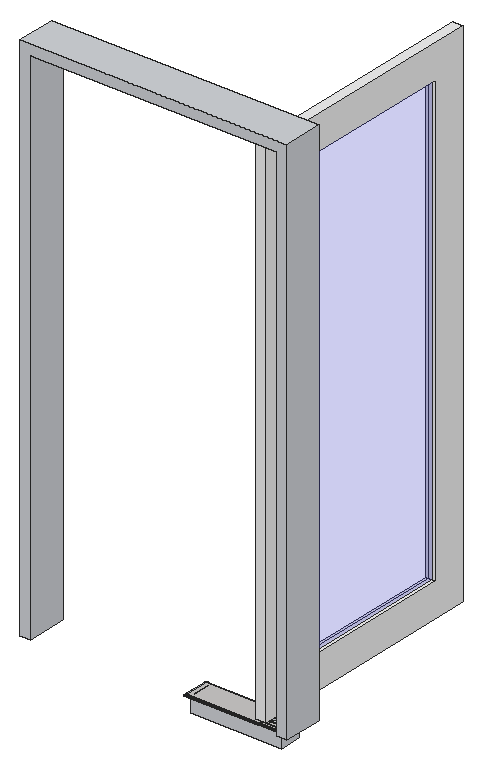
Revit family "Door closer BTS80_ Double Access_Single Door", category Türen, Revit 2016
Family settings
  Basisbauteil = Wand
  OmniClass-Nummer = 23.30.10.00
  OmniClass-Titel = Doors
  Immer vertikal = Ja
  Beim Laden mit Abzugskörper schneiden = Nein
  Gemeinsam genutzt = Nein
  Raumberechnungspunkt = Nein
Parameters
  panel Height [instance] = Height - (Door Frame Width + Floor Space)  # 1935 mm
  Width (mm) = 0
  Width [instance] = 1000 mm
  Weight Net (Kg) = 0
  Wall Closure = (empty or 0)
  URL = ""
  UNSPC code = "26"
  UNSPC category = ""
  UNSPC Name = "Elkraftsutrustning och tillbehör"
  Product group = "Door Hardware"
  Product family = "Door Control"
  Product data url = "http://www.dorma.de/prod/tuertechnik..."
  Product SKU = ""
  Panel material = Aluminum
  Panel Width [instance] = Width - (2 * Door Frame Width)  # 920 mm
  Panel Thick [instance] = 37 mm
  Panel Swing options [instance] = Panel_DS_Open_Pos : Panel_DS_Open_Pos
  Panel Frame Width [instance] = 125 mm
  Material secondary = "Metal"
  Material main = "Stainless steel"
  Manufacturer country = "Germany"
  Hersteller = "DORMA"
  Installation instructions = "http://www.dorma.de/prod/tuertechnik..."
  IFC Classification = "Door"
  Hinge offset [instance] = 65 mm
  Height (mm) = 0
  Height [instance] = 2000 mm
  HO [instance] = Hinge offset + Door Frame Width  # 105 mm
  Glass material = Glass
  Glass Thick [instance] = 12 mm
  Floor Space [instance] = 25 mm
  EAN code = ""
  Door Frame Width [instance] = 40 mm
  Design country = "Germany"
  Depth (mm) = 0
  Date of publishing = ""
Reference planes
  plane 1: y = 0
  plane 2 "Center (Left/Right)": x = 0
  plane 3 "Left": x = -500
  plane 4 "Right": x = 500
  plane 5: z = 2000
  plane 6 "Exterior": y = 75
  plane 7 "Interior": y = -75
  plane 8: x = 395
  plane 9: z = 25
Forms (mm)
  Sweep 1, solid
    path origin (0, -75, 0) x (1, 0, 0) y (0, 0, 1)
      loop
        line (-500, 0) -> (-500, 2000) -> (500, 2000) -> (500, 0)
    profile origin (-500, -75, 1000) x (-1, 0, 0) y (0, -1, 0)
      loop
        line (0, 0) -> (-40, 0) -> (-40, -150) -> (0, -150) -> (0, 0)
Lines and regions (mm)
  Opening 1
    outline origin (-3050, -75, 0) x (1, 0, 0) y (0, 0, 1)
      loop
        line (2550, 0) -> (3550, 0) -> (3550, 2000) -> (2550, 2000) -> (2550, 0)
  symbolic lines
    curve 1: line (500, -75, 1000) -> (-500, -75, 2000)
    curve 2: line (500, -75, 1000) -> (-500, -75, 0)
Text (mm)
  text "Exterior" at (-2295.016, 1099.543, 0), in view "Ref. Level"
  text "Exterior" at (0, 1615.38, 3698.081), in view "Left"
  text "Exterior" at (0, 1036.032, 3874.932), in view "Right"
Dimensions and locks
  equal spacing: plane 3 "Left", plane 2 "Center (Left/Right)", plane 4 "Right"
  "Width": plane 3 "Left" to plane 4 "Right"
  "Height": plane 5 to host wall
  equal spacing: host wall, curve 2, plane 5
  host wall to plane 5 = 2000 mm
  locked: plane 6 "Exterior" to host wall at 0
  locked: plane 7 "Interior" to host wall
  "Door Frame Width": profile plane to Sweep 1 sketch curve
  "HO": plane 8 to plane 4 "Right"
  "Floor Space": plane 9 to level
  aligned and locked: plane 3 "Left" to Opening 1 sketch curve
  aligned and locked: plane 5 to Opening 1 sketch curve  (x2)
  aligned and locked: Opening 1 sketch curve to plane 4 "Right"
  aligned and locked: Opening 1 sketch curve to level
  aligned and locked: plane 5 to curve 1
  aligned and locked: plane 3 "Left" to curve 2
  aligned and locked: plane 1 to host wall
  aligned and locked: plane 3 "Left" to curve 1
  aligned and locked: Sweep 1 sketch curve to host wall  (x4)
  aligned and locked: profile plane to Sweep 1 sketch curve
  aligned and locked: host wall to Sweep 1 sketch curve
  aligned and locked: plane 8 to nested 1
  aligned and locked: host wall to nested 1
  aligned and locked: nested 1 to plane 9
  aligned and locked: nested 2 to plane 8
  aligned and locked: nested 2 to plane 1
Automatic sketch dimensions
  plane 4 "Right" to curve 2 = 0 mm
  curve 2 to level = 0 mm
  Sweep 1 sketch curve to level = 0 mm  (x2)
Nested families
  nested 1: "Panel_DS_Open_Pos" at (395, 0, 25), type <- "Panel Swing options", type "Panel_DS_Open_Pos"
    with Panel Thick 37 mm
  nested 2: "Floor Spring BTS80" at (395, 0, 0) x (-1, 0, 0) z (0, 0, 1), type "Floor Spring BTS80"
    with Width 78 mm
  nested 3: "universal cover plates" at (395, 0, 0) x (-1, 0, 0) z (0, 0, 1), type "Top Plate"
    with L 353 mm
Definition of nested family "Panel_DS_Open_Pos"
  Parameters
    Panel frame Width = 125 mm
    Panel Width = 920 mm
    Panel Thick = 60 mm
    Panel Height = 1935 mm
    Panel material = none
    Hinge Offset = 65 mm
    Glass Thick = 12 mm
    Glass Material = none
  Reference planes
    plane 1 "Center (Front/Back)": y = 0
    plane 2: z = 0
    plane 3 "Center (Left/Right)": x = 0
    plane 4 "Top": z = 1935
  Forms (mm)
    Extrusion 1, solid, material <- "Panel material"
      sketch origin (27.5, -80, 0) x (0, -1, 0) y (0, 0, 1)
        loop
          line (-935, 1935) -> (-935, 0) -> (-15, 0) -> (-15, 1935) -> (-935, 1935)
        loop
          line (-810, 1810) -> (-810, 125) -> (-140, 125) -> (-140, 1810) -> (-810, 1810)
      from -2.5 to 57.5
    Extrusion 2, solid, material <- "Glass Material"
      sketch origin (27.5, -80, 0) x (0, -1, 0) y (0, 0, 1)
        loop
          line (-810, 1810) -> (-810, 125) -> (-140, 125) -> (-140, 1810) -> (-810, 1810)
      from 21.5 to 33.5
  Lines and regions (mm)
    symbolic lines
      curve 1: line (30, 855, 0) -> (30, -65, 0)
      curve 2: line (-30, 855, 0) -> (30, 855, 0)
      curve 3: line (-30, -65, 0) -> (-30, 855, 0)
      curve 4: line (30, -65, 0) -> (-30, -65, 0)
      curve 10: arc (0, 855, 0) -> (-604.576, 604.576, 0) -> (-855, 0, 0) r 855
    symbolic lines, detail levels medium+fine
      curve 5: line (-30, 730, 0) -> (30, 730, 0)
      curve 6: line (30, 60, 0) -> (-30, 60, 0)
    symbolic lines, detail levels medium
      curve 7: line (0, 730, 0) -> (0, 60, 0)
    symbolic lines, detail levels fine
      curve 8: line (-6, 730, 0) -> (-6, 60, 0)
      curve 9: line (6, 60, 0) -> (6, 730, 0)
  Dimensions and locks
    "Panel Height": plane 4 "Top" to level
    "Panel Width": Extrusion 1 sketch curve to Extrusion 1 sketch curve
    "Panel frame Width": Extrusion 1 sketch curve to Extrusion 1 sketch curve  (x4)
    "Glass Thick": Extrusion 2 to Extrusion 2
    "Panel Thick": Extrusion 1 to Extrusion 1
    equal spacing: Extrusion 1, plane 3 "Center (Left/Right)", Extrusion 1
    equal spacing: Extrusion 2, plane 3 "Center (Left/Right)", Extrusion 2
    "Hinge Offset": plane 1 "Center (Front/Back)" to Extrusion 1 sketch curve
    aligned and locked: level to plane 2
    aligned and locked: Extrusion 1 to Extrusion 2  (x2)
    aligned and locked: Extrusion 1 to curve 5
    aligned and locked: Extrusion 2 sketch curve to Extrusion 1  (x2)
    aligned and locked: curve 3 to Extrusion 1
    aligned and locked: curve 1 to Extrusion 1
    aligned and locked: curve 2 to Extrusion 1
    aligned and locked: curve 8 to Extrusion 2
    aligned and locked: curve 9 to Extrusion 2
    aligned and locked: curve 6 to Extrusion 1
    aligned and locked: curve 4 to Extrusion 1
    aligned and locked: plane 1 "Center (Front/Back)" to curve 10
  Automatic sketch dimensions
    Extrusion 2 sketch curve to plane 1 "Center (Front/Back)" = 730 mm
    Extrusion 2 sketch curve to plane 1 "Center (Front/Back)" = 60 mm
    curve 7 to plane 3 "Center (Left/Right)" = 0 mm
    curve 10 to plane 3 "Center (Left/Right)" = 0 mm
    Extrusion 1 sketch curve to level = 0 mm
    Extrusion 1 sketch curve to plane 4 "Top" = 0 mm
Definition of nested family "Floor Spring BTS80"
  Parameters
    Width [instance] = 78 mm
    Thickness = 5 mm
    Length = 341 mm
    Box material = none
  Reference planes
    plane 1 "Center (Front/Back)": y = 0
    plane 2: z = 0
    plane 3 "Center (Left/Right)": x = 0
  Forms (mm)
    Extrusion 1, solid, material <- "Box material", detail levels fine
      sketch origin (0, 0, 0) x (1, 0, 0) y (0, 1, 0)
        loop
          line (-57, 39) -> (-57, -39) -> (284, -39) -> (284, 39) -> (-57, 39)
      from -60 to 0
    Extrusion 2, void, detail levels medium+fine
      sketch origin (0, 0, 0) x (1, 0, 0) y (0, 1, 0)
        loop
          line (-52, 34) -> (-52, -34) -> (279, -34) -> (279, 34) -> (-52, 34)
      from -55 to 0
  Cuts and joins
    Extrusion 2 cuts Extrusion 1
  Lines and regions (mm)
    model lines, detail levels coarse+medium
      curve 1: line (284, -39, 0) -> (284, 39, 0)
      curve 2: line (-57, -39, 0) -> (284, -39, 0)
      curve 3: line (284, 39, 0) -> (-57, 39, 0)
      curve 4: line (-57, 39, 0) -> (-57, -39, 0)
      curve 5: line (284, -39, -60) -> (284, 39, -60)
      curve 6: line (-57, -39, -60) -> (284, -39, -60)
      curve 7: line (284, -39, 0) -> (284, -39, -60)
      curve 8: line (284, 39, 0) -> (284, 39, -60)
      curve 9: line (-57, -39, -1.115) -> (-57, -39, -60)
      curve 10: line (-57, 39, 0) -> (-57, 39, -60)
      curve 11: line (-57, 39, -60) -> (284, 39, -60)
      curve 12: line (-57, -39, -60) -> (-57, 39, -60)
  Dimensions and locks
    "Length": Extrusion 1 sketch curve to Extrusion 1 sketch curve
    Extrusion 1 sketch curve to Extrusion 1 sketch curve = 78 mm
    "Width": Extrusion 1 sketch curve to Extrusion 1 sketch curve
    "Thickness": Extrusion 1 to Extrusion 2 sketch curve  (x3)
    "Thickness": Extrusion 2 sketch curve to Extrusion 1
    equal spacing: cut or joined group of Extrusion 1, Extrusion 2, plane 1 "Center (Front/Back)", cut or joined group of Extrusion 1, Extrusion 2
    aligned and locked: level to plane 2
    aligned and locked: plane 3 "Center (Left/Right)" to nested 1
    aligned and locked: nested 1 to nested 2  (x2)
  Automatic sketch dimensions
    curve 4 to plane 3 "Center (Left/Right)" = 57 mm
    curve 3 to plane 1 "Center (Front/Back)" = 39 mm
    plane 3 "Center (Left/Right)" to curve 3 = 284 mm
    plane 1 "Center (Front/Back)" to curve 1 = 39 mm
    curve 12 to Extrusion 1 = 0 mm  (x2)
    curve 6 to Extrusion 1 = 0 mm
    curve 11 to Extrusion 1 = 0 mm
    Extrusion 1 to curve 8 = 0 mm
    curve 8 to Extrusion 1 = 0 mm  (x2)
    curve 7 to Extrusion 1 = 0 mm  (x3)
    curve 9 to Extrusion 1 = 0 mm  (x2)
    curve 10 to Extrusion 1 = 0 mm  (x3)
    Extrusion 1 to curve 9 = 1.115 mm
    Extrusion 1 sketch curve to plane 3 "Center (Left/Right)" = 57 mm
    plane 1 "Center (Front/Back)" to Extrusion 1 sketch curve = 39 mm
  Nested families
    nested 1: "universal cover plates" at (0, 0, 0), type "Top Plate"
      with L 353 mm
    nested 2: "Spindle" at (0, 0, 1.5), type "Spindle"
  Definition of nested family "universal cover plates"
    Parameters
      W = 95 mm
      Top Plate Material = none
      Spoindle offset = 57 mm
      Spindile Radius = 12.5 mm
      Plate Thickness = 1.5 mm
      Material-1 = none
      L [instance] = 353 mm
    Reference planes
      plane 1 "Center (Front/Back)": y = 0
      plane 2: z = 0
      plane 3 "Center (Left/Right)": x = 0
    Forms (mm)
      Extrusion 1, solid, material <- "Top Plate Material", detail levels medium+fine
        sketch origin (0, 0, 0) x (1, 0, 0) y (0, 1, 0)
          loop
            line (22, 47.5) -> (22, 35) -> (-57, 35) -> (-57, 12.5) -> (-11.952, 12.5)
            arc (-11.952, 12.5) -> (19, 0) -> (-11.952, -12.5) r 18
            line (-11.952, -12.5) -> (-57, -12.5) -> (-57, -35) -> (22, -35) -> (22, -47.5) -> (296, -47.5) -> (296, 47.5) -> (22, 47.5)
        from 0 to 1.5
      Extrusion 2, solid, material <- "Top Plate Material", detail levels medium+fine
        sketch origin (0, 0, 1.5) x (1, 0, 0) y (0, 1, 0)
          loop
            line (-57, -35) -> (-57, -47.5) -> (19.5, -47.5) -> (19.5, -35) -> (-57, -35)
          loop
            line (-57, 47.5) -> (-57, 35) -> (19.5, 35) -> (19.5, 47.5) -> (-57, 47.5)
        from -1.5 to 0
      Sweep 3, solid, material <- "Top Plate Material", detail levels medium+fine
        path origin (0, 0, 1.5) x (1, 0, 0) y (0, 1, 0)
          loop
            line (19.5, 47.5) -> (-57, 47.5)
        profile "Plate edge profile : Plate edge profile" origin (-18.75, 47.5, 1.5) x (0, -1, 0) y (0, 0, 1)
          loop
            line (0, 0) -> (-3.918, -2) -> (-4.257, -3.857) -> (0.743, -1.305) -> (0, 0)
      Sweep 4, solid, material <- "Top Plate Material", detail levels medium+fine
        path origin (0, 0, 1.5) x (1, 0, 0) y (0, 1, 0)
          loop
            line (19.5, -47.5) -> (-57, -47.5)
        profile "Plate edge profile : Plate edge profile" origin (-18.75, -47.5, 1.5) x (0, -1, 0) y (0, 0, 1)
          loop
            line (0, 0) -> (-0.743, -1.305) -> (4.257, -3.857) -> (3.918, -2) -> (0, 0)
      Extrusion 5, solid, material <- "Material-1", detail levels medium+fine
        sketch origin (0, 0, 1.5) x (1, 0, 0) y (0, 1, 0)
          loop
            line (-11.952, 12.5) -> (-57, 12.5) -> (-57, -12.5) -> (-11.952, -12.5)
            arc (-11.952, -12.5) -> (-17, 0) -> (-11.952, 12.5) r 18
        from -1.5 to 0
      Sweep 6, solid, detail levels medium+fine
        path origin (0, 0, 1.5) x (1, 0, 0) y (0, 1, 0)
          loop
            line (22, 47.5) -> (296, 47.5) -> (296, -47.5) -> (22, -47.5)
        profile "Plate edge profile : Plate edge profile" origin (159, 47.5, 1.5) x (0, 1, 0) y (0, 0, 1)
          loop
            line (0, 0) -> (-0.743, -1.305) -> (4.257, -3.857) -> (3.918, -2) -> (0, 0)
    Cuts and joins
      joined: Extrusion 2, Sweep 3, Sweep 4
    Lines and regions (mm)
      model lines, detail levels fine
        curve 1: line (-28.28, 0, 1.5) -> (26.72, 0, 1.5)
        curve 2: line (139.402, 19.354, 1.5) -> (125.578, 23.297, 1.5)
        curve 3: arc (125.578, 23.297, 1.5) -> (130.83, 14.665, 1.5) -> (133.541, 4.931, 1.5) r 36.864
        curve 4: line (133.541, 4.931, 1.5) -> (125, 0, 1.5)
        curve 5: line (125, 0, 1.5) -> (133.541, -4.931, 1.5)
        curve 6: arc (133.541, -4.931, 1.5) -> (130.83, -14.665, 1.5) -> (125.578, -23.297, 1.5) r 36.864
        curve 7: line (125.578, -23.297, 1.5) -> (139.402, -19.354, 1.5)
        curve 8: line (139.402, -19.354, 1.5) -> (139.402, -16.456, 1.5)
        curve 9: line (139.402, -16.456, 1.5) -> (132.626, -18.399, 1.5)
        curve 10: arc (132.626, -18.399, 1.5) -> (135.035, -12.694, 1.5) -> (136.537, -6.685, 1.5) r 40.09
        curve 11: arc (136.537, -6.685, 1.5) -> (136.76, -5.193, 1.5) -> (136.927, -3.694, 1.5) r 40.09
        curve 12: line (136.927, -3.694, 1.5) -> (130.53, 0, 1.5)
        curve 13: line (130.53, 0, 1.5) -> (136.927, 3.694, 1.5)
        curve 14: arc (136.927, 3.694, 1.5) -> (135.486, 11.254, 1.5) -> (132.626, 18.399, 1.5) r 40.09
        curve 15: line (132.626, 18.399, 1.5) -> (139.402, 16.456, 1.5)
        curve 16: line (139.402, 16.456, 1.5) -> (139.402, 19.354, 1.5)
        curve 17: line (140.784, 19.61, 1.5) -> (148.461, 21.417, 1.5)
        curve 18: line (148.461, 21.417, 1.5) -> (148.461, 18.707, 1.5)
        curve 19: line (148.461, 18.707, 1.5) -> (147.106, 18.463, 1.5)
        curve 20: line (147.106, 18.463, 1.5) -> (147.106, 16.467, 1.5)
        curve 21: line (147.106, 16.467, 1.5) -> (148.461, 16.224, 1.5)
        curve 22: line (148.461, 16.224, 1.5) -> (148.461, 13.514, 1.5)
        curve 23: line (148.461, 13.514, 1.5) -> (140.784, 15.32, 1.5)
        curve 24: line (140.784, 15.32, 1.5) -> (140.784, 19.61, 1.5)
        curve 25: line (142.816, 17.24, 1.5) -> (145.752, 16.711, 1.5)
        curve 26: line (145.752, 16.711, 1.5) -> (145.752, 18.22, 1.5)
        curve 27: line (145.752, 18.22, 1.5) -> (142.816, 17.691, 1.5)
        curve 28: line (145.3, 8.456, 1.5) -> (140.784, 9.45, 1.5)
        curve 29: line (140.784, 9.45, 1.5) -> (140.784, 13.062, 1.5)
        curve 30: line (140.784, 13.062, 1.5) -> (148.461, 13.062, 1.5)
        curve 31: line (148.461, 13.062, 1.5) -> (148.461, 10.805, 1.5)
        curve 32: line (148.461, 10.805, 1.5) -> (142.816, 10.805, 1.5)
        curve 33: line (142.816, 5.837, 1.5) -> (148.461, 5.837, 1.5)
        curve 34: line (148.461, 5.837, 1.5) -> (148.461, 3.579, 1.5)
        curve 35: line (148.461, 3.579, 1.5) -> (140.784, 3.579, 1.5)
        curve 36: line (140.784, 3.579, 1.5) -> (140.784, 7.192, 1.5)
        curve 37: line (140.784, 7.192, 1.5) -> (145.3, 8.185, 1.5)
        curve 38: arc (148.461, -7.71, 1.5) -> (147.672, -5.799, 1.5) -> (145.765, -5.001, 1.5) r 2.709
        curve 39: line (145.765, -5.001, 1.5) -> (143.507, -5.001, 1.5)
        curve 40: arc (143.507, -5.001, 1.5) -> (141.583, -5.789, 1.5) -> (140.784, -7.708, 1.5) r 2.71
        curve 41: line (140.784, -7.708, 1.5) -> (140.784, -9.062, 1.5)
        curve 42: arc (140.784, -9.062, 1.5) -> (141.577, -10.98, 1.5) -> (143.494, -11.775, 1.5) r 2.71
        curve 43: line (143.494, -11.775, 1.5) -> (145.752, -11.775, 1.5)
        curve 44: arc (145.752, -11.775, 1.5) -> (147.667, -10.981, 1.5) -> (148.461, -9.065, 1.5) r 2.71
        curve 45: line (148.461, -9.065, 1.5) -> (148.461, -7.71, 1.5)
        curve 46: line (143.133, -7.541, 1.5) -> (146.106, -7.541, 1.5)
        curve 47: arc (146.106, -7.541, 1.5) -> (146.681, -7.792, 1.5) -> (146.876, -8.388, 1.5) r 0.768
        curve 48: arc (146.876, -8.388, 1.5) -> (146.683, -8.981, 1.5) -> (146.112, -9.234, 1.5) r 0.768
        curve 49: line (146.112, -9.234, 1.5) -> (143.133, -9.234, 1.5)
        curve 50: arc (143.133, -9.234, 1.5) -> (142.563, -8.981, 1.5) -> (142.369, -8.388, 1.5) r 0.768
        curve 51: arc (142.369, -8.388, 1.5) -> (142.563, -7.794, 1.5) -> (143.133, -7.541, 1.5) r 0.768
        curve 52: line (143.266, -12.678, 1.5) -> (145.977, -12.678, 1.5)
        curve 53: arc (145.977, -12.678, 1.5) -> (147.734, -13.405, 1.5) -> (148.461, -15.162, 1.5) r 2.484
        curve 54: line (148.461, -15.162, 1.5) -> (148.461, -19.226, 1.5)
        curve 55: line (148.461, -19.226, 1.5) -> (140.784, -19.226, 1.5)
        curve 56: line (140.784, -19.226, 1.5) -> (140.784, -15.166, 1.5)
        curve 57: arc (140.784, -15.166, 1.5) -> (141.509, -13.408, 1.5) -> (143.266, -12.678, 1.5) r 2.484
        curve 58: circle (41, -27, 1.5) r 4.75 normal (0, 0, 1)
        curve 59: circle (41, -27, 1.5) r 2.5 normal (0, 0, 1)
        curve 60: line (33.441, -27, 1.5) -> (51.23, -27, 1.5)
        curve 61: line (41, -18.082, 1.5) -> (41, -35.484, 1.5)
        curve 62: line (41, 35.285, 1.5) -> (41, 17.496, 1.5)
        curve 63: line (51.617, 27, 1.5) -> (31.508, 27, 1.5)
        curve 64: circle (41, 27, 1.5) r 4.75 normal (0, 0, 1)
        curve 65: circle (41, 27, 1.5) r 2.5 normal (0, 0, 1)
        curve 66: circle (251, 27, 1.5) r 4.75 normal (0, 0, 1)
        curve 67: circle (251, 27, 1.5) r 2.5 normal (0, 0, 1)
        curve 68: line (251, 17.496, 1.5) -> (251, 35.285, 1.5)
        curve 69: line (259.672, 27, 1.5) -> (241.109, 27, 1.5)
        curve 70: line (251, -34.711, 1.5) -> (251, -18.469, 1.5)
        curve 71: line (242.27, -27, 1.5) -> (260.832, -27, 1.5)
        curve 72: circle (251, -27, 1.5) r 2.5 normal (0, 0, 1)
        curve 73: circle (251, -27, 1.5) r 4.75 normal (0, 0, 1)
        curve 74: arc (145.3, 1.025, 1.5) -> (142.781, 2.666, 1.5) -> (140.784, 0.418, 1.5) r 2.304
        curve 75: line (140.784, 0.418, 1.5) -> (140.784, -4.098, 1.5)
        curve 76: line (140.784, -4.098, 1.5) -> (148.461, -4.098, 1.5)
        curve 77: line (148.461, -4.098, 1.5) -> (148.461, -1.84, 1.5)
        curve 78: line (148.461, -1.84, 1.5) -> (145.3, -1.84, 1.5)
        curve 79: line (145.3, -1.072, 1.5) -> (148.461, 0.192, 1.5)
        curve 80: line (148.461, 0.192, 1.5) -> (148.461, 2.676, 1.5)
        curve 81: line (148.461, 2.676, 1.5) -> (145.3, 1.025, 1.5)
        curve 82: line (143.889, -0.799, 1.5) -> (143.889, -1.84, 1.5)
        curve 83: line (143.889, -1.84, 1.5) -> (142.195, -1.84, 1.5)
        curve 84: line (142.195, -1.84, 1.5) -> (142.195, -0.802, 1.5)
        curve 85: arc (142.195, -0.802, 1.5) -> (142.449, -0.231, 1.5) -> (143.042, -0.038, 1.5) r 0.768
        curve 86: arc (143.042, -0.038, 1.5) -> (143.634, -0.23, 1.5) -> (143.889, -0.799, 1.5) r 0.768
        curve 87: line (142.816, 10.579, 1.5) -> (148.461, 9.337, 1.5)
        curve 88: line (148.461, 7.305, 1.5) -> (142.816, 6.063, 1.5)
        curve 89: line (148.461, 9.337, 1.5) -> (148.461, 7.305, 1.5)
        curve 90: line (0, 30, 1.5) -> (0, -30, 1.5)
        curve 96: line (146.881, -15.667, 1.5) -> (146.881, -16.742, 1.5)
        curve 97: line (146.881, -16.742, 1.5) -> (142.365, -16.742, 1.5)
        curve 98: line (142.365, -16.742, 1.5) -> (142.365, -15.653, 1.5)
        curve 99: line (142.856, -15.162, 1.5) -> (146.375, -15.162, 1.5)
        curve 100: arc (146.375, -15.162, 1.5) -> (146.732, -15.31, 1.5) -> (146.881, -15.667, 1.5) r 0.506
        curve 101: arc (142.365, -15.653, 1.5) -> (142.509, -15.305, 1.5) -> (142.856, -15.162, 1.5) r 0.491
        curve 102: line (142.816, 6.063, 1.5) -> (142.816, 5.837, 1.5)
        curve 103: line (142.816, 10.805, 1.5) -> (142.816, 10.579, 1.5)
        curve 104: line (145.3, 8.456, 1.5) -> (145.3, 8.185, 1.5)
        curve 105: line (142.816, 17.691, 1.5) -> (142.816, 17.24, 1.5)
        curve 106: line (145.3, -1.072, 1.5) -> (145.3, -1.84, 1.5)
      model lines, detail levels coarse
        curve 91: line (-57, 51.757, 0) -> (300.257, 51.757, 0)
        curve 92: line (-57, -51.757, 0) -> (-57, 51.757, 0)
        curve 93: line (300.257, -51.757, 0) -> (-57, -51.757, 0)
        curve 94: line (300.257, 51.757, 0) -> (300.257, -51.757, 0)
        curve 95: circle (1, 0, 0) r 18 normal (0, 0, 1)
    Dimensions and locks
      "Plate Thickness": Extrusion 1 to level
      equal spacing: Extrusion 1, plane 1 "Center (Front/Back)", Extrusion 1
      "W": Extrusion 1 sketch curve to Extrusion 1 sketch curve
      "L": Extrusion 1 sketch curve to Extrusion 1 sketch curve
      "Spoindle offset": Extrusion 1 sketch curve to plane 3 "Center (Left/Right)"  (x2)
      aligned and locked: level to plane 2
      aligned and locked: cut or joined group of Extrusion 2, Sweep 3, Sweep 4 to Sweep 4 sketch curve
      aligned and locked: curve 91 to cut or joined group of Extrusion 2, Sweep 3, Sweep 4
      aligned and locked: curve 92 to cut or joined group of Extrusion 2, Sweep 3, Sweep 4
      aligned and locked: curve 93 to Sweep 6
      aligned and locked: curve 94 to Sweep 6
      aligned and locked: Extrusion 5 sketch curve to curve 95
    Automatic sketch dimensions
      Extrusion 2 sketch curve to Extrusion 1 = 0 mm  (x4)
      Extrusion 1 to Extrusion 2 sketch curve = 0 mm  (x2)
      Extrusion 1 to Extrusion 2 sketch curve = 2.5 mm  (x2)
      Sweep 3 sketch curve to Extrusion 1 = 0 mm
      Extrusion 1 to Sweep 3 sketch curve = 0 mm
      Extrusion 1 to Sweep 3 sketch curve = 2.5 mm
      Sweep 4 sketch curve to Extrusion 1 = 0 mm
      Extrusion 1 to Sweep 4 sketch curve = 0 mm
      Extrusion 5 sketch curve to Extrusion 1 = 0 mm  (x2)
      Extrusion 1 to Extrusion 5 sketch curve = 0 mm
      Sweep 6 sketch curve to Extrusion 1 = 0 mm  (x4)
      Extrusion 1 to Sweep 6 sketch curve = 0 mm
      curve 58 to curve 59 = 0 mm  (x2)
      curve 64 to curve 65 = 0 mm  (x2)
      curve 66 to curve 67 = 0 mm  (x2)
      curve 72 to curve 73 = 0 mm  (x2)
      Extrusion 1 to curve 4 = 12.5 mm
      curve 4 to Extrusion 1 = 103 mm
      curve 7 to Extrusion 1 = 10.797 mm
      curve 2 to Extrusion 1 = 10.797 mm
      curve 4 to curve 2 = 0.578 mm
      curve 4 to curve 7 = 0.578 mm
      Extrusion 1 to curve 13 = 12.5 mm
      curve 4 to curve 13 = 5.53 mm
      curve 9 to Extrusion 1 = 5.899 mm
      curve 15 to Extrusion 1 = 5.899 mm
      curve 2 to curve 15 = 7.048 mm
      Extrusion 1 to curve 5 = 7.569 mm
      curve 12 to curve 5 = 3.011 mm
      Extrusion 1 to curve 4 = 7.569 mm
      curve 12 to curve 4 = 3.011 mm
      Extrusion 1 to curve 12 = 8.806 mm
      curve 5 to curve 12 = 3.386 mm
      Extrusion 1 to curve 13 = 8.806 mm
      curve 4 to curve 13 = 3.386 mm
      curve 2 to Extrusion 1 = 6.854 mm
      curve 14 to curve 2 = 6.776 mm
      curve 7 to Extrusion 1 = 6.854 mm
      curve 9 to curve 7 = 6.776 mm
      curve 13 to curve 36 = 3.857 mm
      curve 11 to curve 75 = 3.857 mm
      curve 8 to curve 56 = 1.382 mm
      curve 30 to Extrusion 1 = 0.562 mm
      curve 15 to curve 30 = 1.382 mm
      curve 15 to curve 24 = 1.382 mm
      curve 75 to curve 41 = 0 mm
      curve 75 to curve 84 = 1.411 mm
      curve 40 to curve 46 = 2.349 mm
      curve 46 to curve 49 = 0 mm
      curve 52 to Extrusion 1 = 0.178 mm
      curve 50 to curve 52 = 0.132 mm
      curve 57 to curve 43 = 0.228 mm
      curve 46 to curve 39 = 0.373 mm
      curve 83 to curve 83 = 1.693 mm
      Extrusion 1 to curve 81 = 11.475 mm
      curve 82 to curve 81 = 1.411 mm
      Extrusion 1 to curve 43 = 0.725 mm
      curve 42 to curve 43 = 2.258 mm
      curve 25 to Extrusion 1 = 4.211 mm
      curve 23 to curve 25 = 4.967 mm
      curve 39 to curve 39 = 2.258 mm
      curve 44 to curve 52 = 0.226 mm
      curve 44 to curve 46 = 0.354 mm
      curve 44 to curve 49 = 0.36 mm
      curve 19 to Extrusion 1 = 5.963 mm
      curve 26 to curve 19 = 1.355 mm
      curve 46 to curve 45 = 2.355 mm
      Extrusion 1 to curve 32 = 1.695 mm
      curve 20 to curve 32 = 1.355 mm
      curve 39 to curve 76 = 2.697 mm
      curve 22 to curve 30 = 0 mm
      curve 33 to curve 31 = 0 mm
      curve 19 to Extrusion 1 = 6.207 mm
      curve 19 to curve 19 = 1.355 mm
      Extrusion 1 to curve 79 = 12.308 mm
      curve 79 to curve 77 = 0 mm
      Extrusion 1 to curve 87 = 3.163 mm
      curve 87 to curve 31 = 0 mm
      curve 53 to curve 55 = 2.484 mm
      Extrusion 1 to curve 1 = 12.5 mm
      curve 1 to Extrusion 1 = 28.72 mm
      curve 90 to Extrusion 1 = 5 mm  (x2)
      Extrusion 1 to curve 90 = 22 mm
      curve 1 to Extrusion 1 = 4.72 mm
      curve 63 to Extrusion 1 = 9.508 mm
      curve 60 to Extrusion 1 = 11.441 mm
      curve 60 to curve 58 = 7.559 mm
      curve 62 to Extrusion 1 = 4.996 mm
      curve 63 to curve 62 = 9.492 mm
      Extrusion 1 to curve 61 = 0.484 mm
      curve 61 to curve 58 = 0 mm
      curve 65 to curve 62 = 0 mm
      curve 58 to curve 60 = 10.23 mm
      curve 64 to curve 63 = 10.617 mm
      Extrusion 1 to curve 10 = 12.5 mm
      curve 10 to curve 4 = 27.992 mm
      curve 10 to curve 3 = 0 mm
      curve 10 to curve 6 = 0 mm
      curve 6 to curve 14 = 0 mm
      curve 3 to curve 11 = 0 mm
      curve 11 to curve 12 = 0.391 mm
      curve 50 to curve 51 = 0.764 mm
      curve 25 to Extrusion 1 = 4.74 mm
      curve 23 to curve 25 = 2.032 mm
      curve 36 to curve 33 = 2.032 mm
      curve 28 to curve 32 = 2.032 mm
      Extrusion 1 to curve 87 = 1.921 mm
      Extrusion 1 to curve 88 = 6.437 mm
      curve 27 to Extrusion 1 = 5.191 mm
      curve 84 to curve 85 = 0.768 mm
      curve 85 to curve 86 = 0.079 mm
      curve 86 to curve 74 = 0.045 mm
      curve 85 to curve 86 = 0.158 mm
      curve 51 to curve 46 = 0.001 mm
      curve 51 to curve 50 = 0 mm
      curve 46 to curve 40 = 0.361 mm
      curve 82 to curve 78 = 1.411 mm
      Extrusion 1 to curve 37 = 4.315 mm
      curve 88 to curve 37 = 2.484 mm
      Extrusion 1 to curve 28 = 4.044 mm
      Extrusion 1 to curve 79 = 11.428 mm
      curve 38 to curve 46 = 0.354 mm
      curve 44 to curve 48 = 0.361 mm
      curve 48 to curve 47 = 0 mm
      curve 47 to curve 47 = 0.764 mm
      curve 69 to Extrusion 1 = 8 mm
      curve 69 to Extrusion 1 = 54.891 mm
      curve 71 to Extrusion 1 = 8 mm
      curve 71 to Extrusion 1 = 53.73 mm
      curve 71 to curve 72 = 8.73 mm
      curve 70 to curve 72 = 0 mm
      curve 69 to curve 66 = 9.891 mm
      curve 68 to curve 66 = 0 mm
      curve 66 to curve 69 = 8.672 mm
      curve 72 to curve 71 = 9.832 mm
      curve 55 to curve 53 = 4.064 mm
      curve 7 to curve 9 = 2.897 mm
      curve 8 to curve 56 = 1.291 mm
      curve 49 to curve 44 = 0.169 mm
      curve 49 to curve 41 = 0.173 mm
      curve 44 to curve 45 = 1.355 mm
      curve 42 to curve 41 = 1.353 mm
      curve 38 to curve 46 = 0.169 mm
      curve 38 to curve 39 = 0 mm
      curve 40 to curve 75 = 0.903 mm
      curve 82 to curve 79 = 0.768 mm
      curve 78 to curve 79 = 2.032 mm
      curve 83 to curve 84 = 1.037 mm
      curve 82 to curve 82 = 1.041 mm
      curve 84 to curve 75 = 1.221 mm
      curve 79 to curve 80 = 2.484 mm
      curve 80 to curve 34 = 0.903 mm
      curve 34 to curve 34 = 2.258 mm
      curve 88 to curve 37 = 1.129 mm
      curve 33 to curve 88 = 1.468 mm
      curve 36 to curve 29 = 2.258 mm
      curve 30 to curve 23 = 0.452 mm
      curve 29 to curve 23 = 2.258 mm
      curve 22 to curve 18 = 2.484 mm
      curve 23 to curve 16 = 1.136 mm
      curve 21 to curve 21 = 0.244 mm
      curve 27 to curve 19 = 0.244 mm
      curve 2 to curve 17 = 0.257 mm
      curve 18 to curve 18 = 2.709 mm
      curve 70 to Extrusion 1 = 0.289 mm
      curve 70 to curve 72 = 7.711 mm
      curve 60 to Extrusion 1 = 8 mm
      curve 60 to curve 59 = 0 mm
      curve 70 to Extrusion 1 = 5.969 mm
      curve 61 to Extrusion 1 = 5.582 mm
      curve 42 to curve 50 = 0.598 mm
      curve 44 to curve 48 = 0.598 mm
      curve 86 to curve 82 = 0.002 mm
      curve 68 to Extrusion 1 = 4.996 mm
      curve 67 to Extrusion 1 = 8 mm
      curve 65 to Extrusion 1 = 8 mm
      curve 63 to Extrusion 1 = 8 mm
      Extrusion 1 to curve 62 = 0.285 mm
      Extrusion 1 to curve 68 = 0.285 mm
      curve 57 to curve 57 = 0.002 mm
      plane 1 "Center (Front/Back)" to curve 95 = 0 mm
      plane 3 "Center (Left/Right)" to curve 95 = 1 mm
      curve 98 to curve 57 = 0.903 mm
      curve 98 to curve 101 = 0.491 mm
      curve 53 to curve 99 = 0.397 mm
      curve 100 to curve 96 = 0.506 mm
      curve 98 to curve 57 = 1.581 mm
      curve 96 to curve 53 = 0.506 mm
      curve 101 to curve 57 = 0.491 mm
      Extrusion 1 sketch curve to plane 3 "Center (Left/Right)" = 11.952 mm  (x2)
      plane 3 "Center (Left/Right)" to Extrusion 1 sketch curve = 22 mm  (x2)
      plane 1 "Center (Front/Back)" to Extrusion 1 sketch curve = 47.5 mm
      plane 1 "Center (Front/Back)" to Extrusion 1 sketch curve = 0 mm
      plane 3 "Center (Left/Right)" to Extrusion 1 sketch curve = 1 mm
      plane 1 "Center (Front/Back)" to Extrusion 1 sketch curve = 35 mm
      plane 1 "Center (Front/Back)" to Extrusion 1 sketch curve = 12.5 mm
      Extrusion 1 sketch curve to Extrusion 1 sketch curve = 22.5 mm
      radius of curve 58 = 4.75 mm
      radius of curve 59 = 2.5 mm
      radius of curve 64 = 4.75 mm
      radius of curve 65 = 2.5 mm
      radius of curve 66 = 4.75 mm
      radius of curve 67 = 2.5 mm
      radius of curve 72 = 2.5 mm
      radius of curve 73 = 4.75 mm
      radius of curve 95 = 18 mm
  Definition of nested family "Spindle"
    Parameters
      Spindle material = none
      Spindle Height = 29.8 mm
    Reference planes
      plane 1 "Center (Front/Back)": y = 0
      plane 2: z = 0
      plane 3 "Center (Left/Right)": x = 0
    Forms (mm)
      Revolve 1, solid, material <- "Spindle material", detail levels medium+fine
        sketch origin (0, 0, 0) x (1, 0, 0) y (0, 0, 1)
          loop
            arc (-18.5, 3) -> (-19.914, 2.414) -> (-20.5, 1) r 2
            line (-20.5, 1) -> (-20.5, 0) -> (-6.129, 0) -> (-5.605, -10) -> (0, -10) -> (0, 19.8) -> (-6.609, 19.8) -> (-7.343, 5.8) -> (-12.35, 5.8) -> (-12.35, 3) -> (-18.5, 3)
          axis (0, 19.8) -> (0, -10)
        angle from 0 to 360
      Extrusion 2, void
        sketch origin (0, 0, 0) x (1, 0, 0) y (0, 1, 0)
          loop
            line (-7.794, 7.095) -> (-7.794, -7.905) -> (-3.538, -7.905) -> (-3.538, 7.095) -> (-7.794, 7.095)
          loop
            line (7.794, 7.095) -> (3.538, 7.095) -> (3.538, -7.905) -> (7.794, -7.905) -> (7.794, 7.095)
        from 5.8 to 19.8
    Cuts and joins
      Extrusion 2 cuts Revolve 1
    Text (mm)
      text "BTS80" at (570.925, 0, 11.425), in view "Front"
      text "M 1:1" at (20.899, 0, 406.943), in view "Front"
    Dimensions and locks
      "Spindle Height": Revolve 1 sketch curve to Revolve 1 sketch curve
      aligned and locked: level to plane 2
      aligned and locked: Revolve 1 sketch curve to plane 3 "Center (Left/Right)"  (x2)
      aligned and locked: Revolve 1 sketch curve to level
      aligned and locked: Revolve 1 to Extrusion 2
      aligned and locked: Extrusion 2 to Revolve 1
    Automatic sketch dimensions
      Extrusion 2 sketch curve to plane 3 "Center (Left/Right)" = 7.794 mm
      plane 3 "Center (Left/Right)" to Extrusion 2 sketch curve = 3.538 mm
      plane 1 "Center (Front/Back)" to Extrusion 2 sketch curve = 7.905 mm  (x2)
      Extrusion 2 sketch curve to plane 3 "Center (Left/Right)" = 3.538 mm
      Extrusion 2 sketch curve to Extrusion 2 sketch curve = 4.256 mm
      Extrusion 2 sketch curve to plane 1 "Center (Front/Back)" = 7.095 mm  (x2)
      Revolve 1 sketch curve to plane 3 "Center (Left/Right)" = 20.5 mm
      Revolve 1 sketch curve to level = 10 mm
      level to Revolve 1 sketch curve = 3 mm
      Revolve 1 sketch curve to Revolve 1 sketch curve = 8.15 mm
      Revolve 1 sketch curve to Revolve 1 sketch curve = 5.007 mm
      Revolve 1 sketch curve to plane 3 "Center (Left/Right)" = 6.609 mm
      Revolve 1 sketch curve to Revolve 1 sketch curve = 1.214 mm
      Revolve 1 sketch curve to plane 3 "Center (Left/Right)" = 5.605 mm
      Revolve 1 sketch curve to Revolve 1 sketch curve = 0 mm  (x4)
      level to Revolve 1 sketch curve = 1 mm  (x2)
      Revolve 1 sketch curve to Revolve 1 sketch curve = 2 mm
      Revolve 1 sketch curve to Revolve 1 sketch curve = 2.8 mm
      Revolve 1 sketch curve to Revolve 1 sketch curve = 200 mm
      Revolve 1 sketch curve to Revolve 1 sketch curve = 190.2 mm
Definition of nested family "universal cover plates"
  Parameters
    W = 95 mm
    Top Plate Material = none
    Spoindle offset = 57 mm
    Spindile Radius = 12.5 mm
    Plate Thickness = 1.5 mm
    Material-1 = none
    L [instance] = 353 mm
  Reference planes
    plane 1 "Center (Front/Back)": y = 0
    plane 2: z = 0
    plane 3 "Center (Left/Right)": x = 0
  Forms (mm)
    Extrusion 1, solid, material <- "Top Plate Material", detail levels medium+fine
      sketch origin (0, 0, 0) x (1, 0, 0) y (0, 1, 0)
        loop
          line (22, 47.5) -> (22, 35) -> (-57, 35) -> (-57, 12.5) -> (-11.952, 12.5)
          arc (-11.952, 12.5) -> (19, 0) -> (-11.952, -12.5) r 18
          line (-11.952, -12.5) -> (-57, -12.5) -> (-57, -35) -> (22, -35) -> (22, -47.5) -> (296, -47.5) -> (296, 47.5) -> (22, 47.5)
      from 0 to 1.5
    Extrusion 2, solid, material <- "Top Plate Material", detail levels medium+fine
      sketch origin (0, 0, 1.5) x (1, 0, 0) y (0, 1, 0)
        loop
          line (-57, -35) -> (-57, -47.5) -> (19.5, -47.5) -> (19.5, -35) -> (-57, -35)
        loop
          line (-57, 47.5) -> (-57, 35) -> (19.5, 35) -> (19.5, 47.5) -> (-57, 47.5)
      from -1.5 to 0
    Sweep 3, solid, material <- "Top Plate Material", detail levels medium+fine
      path origin (0, 0, 1.5) x (1, 0, 0) y (0, 1, 0)
        loop
          line (19.5, 47.5) -> (-57, 47.5)
      profile "Plate edge profile : Plate edge profile" origin (-18.75, 47.5, 1.5) x (0, -1, 0) y (0, 0, 1)
        loop
          line (0, 0) -> (-3.918, -2) -> (-4.257, -3.857) -> (0.743, -1.305) -> (0, 0)
    Sweep 4, solid, material <- "Top Plate Material", detail levels medium+fine
      path origin (0, 0, 1.5) x (1, 0, 0) y (0, 1, 0)
        loop
          line (19.5, -47.5) -> (-57, -47.5)
      profile "Plate edge profile : Plate edge profile" origin (-18.75, -47.5, 1.5) x (0, -1, 0) y (0, 0, 1)
        loop
          line (0, 0) -> (-0.743, -1.305) -> (4.257, -3.857) -> (3.918, -2) -> (0, 0)
    Extrusion 5, solid, material <- "Material-1", detail levels medium+fine
      sketch origin (0, 0, 1.5) x (1, 0, 0) y (0, 1, 0)
        loop
          line (-11.952, 12.5) -> (-57, 12.5) -> (-57, -12.5) -> (-11.952, -12.5)
          arc (-11.952, -12.5) -> (-17, 0) -> (-11.952, 12.5) r 18
      from -1.5 to 0
    Sweep 6, solid, detail levels medium+fine
      path origin (0, 0, 1.5) x (1, 0, 0) y (0, 1, 0)
        loop
          line (22, 47.5) -> (296, 47.5) -> (296, -47.5) -> (22, -47.5)
      profile "Plate edge profile : Plate edge profile" origin (159, 47.5, 1.5) x (0, 1, 0) y (0, 0, 1)
        loop
          line (0, 0) -> (-0.743, -1.305) -> (4.257, -3.857) -> (3.918, -2) -> (0, 0)
  Cuts and joins
    joined: Extrusion 2, Sweep 3, Sweep 4
  Lines and regions (mm)
    model lines, detail levels fine
      curve 1: line (-28.28, 0, 1.5) -> (26.72, 0, 1.5)
      curve 2: line (139.402, 19.354, 1.5) -> (125.578, 23.297, 1.5)
      curve 3: arc (125.578, 23.297, 1.5) -> (130.83, 14.665, 1.5) -> (133.541, 4.931, 1.5) r 36.864
      curve 4: line (133.541, 4.931, 1.5) -> (125, 0, 1.5)
      curve 5: line (125, 0, 1.5) -> (133.541, -4.931, 1.5)
      curve 6: arc (133.541, -4.931, 1.5) -> (130.83, -14.665, 1.5) -> (125.578, -23.297, 1.5) r 36.864
      curve 7: line (125.578, -23.297, 1.5) -> (139.402, -19.354, 1.5)
      curve 8: line (139.402, -19.354, 1.5) -> (139.402, -16.456, 1.5)
      curve 9: line (139.402, -16.456, 1.5) -> (132.626, -18.399, 1.5)
      curve 10: arc (132.626, -18.399, 1.5) -> (135.035, -12.694, 1.5) -> (136.537, -6.685, 1.5) r 40.09
      curve 11: arc (136.537, -6.685, 1.5) -> (136.76, -5.193, 1.5) -> (136.927, -3.694, 1.5) r 40.09
      curve 12: line (136.927, -3.694, 1.5) -> (130.53, 0, 1.5)
      curve 13: line (130.53, 0, 1.5) -> (136.927, 3.694, 1.5)
      curve 14: arc (136.927, 3.694, 1.5) -> (135.486, 11.254, 1.5) -> (132.626, 18.399, 1.5) r 40.09
      curve 15: line (132.626, 18.399, 1.5) -> (139.402, 16.456, 1.5)
      curve 16: line (139.402, 16.456, 1.5) -> (139.402, 19.354, 1.5)
      curve 17: line (140.784, 19.61, 1.5) -> (148.461, 21.417, 1.5)
      curve 18: line (148.461, 21.417, 1.5) -> (148.461, 18.707, 1.5)
      curve 19: line (148.461, 18.707, 1.5) -> (147.106, 18.463, 1.5)
      curve 20: line (147.106, 18.463, 1.5) -> (147.106, 16.467, 1.5)
      curve 21: line (147.106, 16.467, 1.5) -> (148.461, 16.224, 1.5)
      curve 22: line (148.461, 16.224, 1.5) -> (148.461, 13.514, 1.5)
      curve 23: line (148.461, 13.514, 1.5) -> (140.784, 15.32, 1.5)
      curve 24: line (140.784, 15.32, 1.5) -> (140.784, 19.61, 1.5)
      curve 25: line (142.816, 17.24, 1.5) -> (145.752, 16.711, 1.5)
      curve 26: line (145.752, 16.711, 1.5) -> (145.752, 18.22, 1.5)
      curve 27: line (145.752, 18.22, 1.5) -> (142.816, 17.691, 1.5)
      curve 28: line (145.3, 8.456, 1.5) -> (140.784, 9.45, 1.5)
      curve 29: line (140.784, 9.45, 1.5) -> (140.784, 13.062, 1.5)
      curve 30: line (140.784, 13.062, 1.5) -> (148.461, 13.062, 1.5)
      curve 31: line (148.461, 13.062, 1.5) -> (148.461, 10.805, 1.5)
      curve 32: line (148.461, 10.805, 1.5) -> (142.816, 10.805, 1.5)
      curve 33: line (142.816, 5.837, 1.5) -> (148.461, 5.837, 1.5)
      curve 34: line (148.461, 5.837, 1.5) -> (148.461, 3.579, 1.5)
      curve 35: line (148.461, 3.579, 1.5) -> (140.784, 3.579, 1.5)
      curve 36: line (140.784, 3.579, 1.5) -> (140.784, 7.192, 1.5)
      curve 37: line (140.784, 7.192, 1.5) -> (145.3, 8.185, 1.5)
      curve 38: arc (148.461, -7.71, 1.5) -> (147.672, -5.799, 1.5) -> (145.765, -5.001, 1.5) r 2.709
      curve 39: line (145.765, -5.001, 1.5) -> (143.507, -5.001, 1.5)
      curve 40: arc (143.507, -5.001, 1.5) -> (141.583, -5.789, 1.5) -> (140.784, -7.708, 1.5) r 2.71
      curve 41: line (140.784, -7.708, 1.5) -> (140.784, -9.062, 1.5)
      curve 42: arc (140.784, -9.062, 1.5) -> (141.577, -10.98, 1.5) -> (143.494, -11.775, 1.5) r 2.71
      curve 43: line (143.494, -11.775, 1.5) -> (145.752, -11.775, 1.5)
      curve 44: arc (145.752, -11.775, 1.5) -> (147.667, -10.981, 1.5) -> (148.461, -9.065, 1.5) r 2.71
      curve 45: line (148.461, -9.065, 1.5) -> (148.461, -7.71, 1.5)
      curve 46: line (143.133, -7.541, 1.5) -> (146.106, -7.541, 1.5)
      curve 47: arc (146.106, -7.541, 1.5) -> (146.681, -7.792, 1.5) -> (146.876, -8.388, 1.5) r 0.768
      curve 48: arc (146.876, -8.388, 1.5) -> (146.683, -8.981, 1.5) -> (146.112, -9.234, 1.5) r 0.768
      curve 49: line (146.112, -9.234, 1.5) -> (143.133, -9.234, 1.5)
      curve 50: arc (143.133, -9.234, 1.5) -> (142.563, -8.981, 1.5) -> (142.369, -8.388, 1.5) r 0.768
      curve 51: arc (142.369, -8.388, 1.5) -> (142.563, -7.794, 1.5) -> (143.133, -7.541, 1.5) r 0.768
      curve 52: line (143.266, -12.678, 1.5) -> (145.977, -12.678, 1.5)
      curve 53: arc (145.977, -12.678, 1.5) -> (147.734, -13.405, 1.5) -> (148.461, -15.162, 1.5) r 2.484
      curve 54: line (148.461, -15.162, 1.5) -> (148.461, -19.226, 1.5)
      curve 55: line (148.461, -19.226, 1.5) -> (140.784, -19.226, 1.5)
      curve 56: line (140.784, -19.226, 1.5) -> (140.784, -15.166, 1.5)
      curve 57: arc (140.784, -15.166, 1.5) -> (141.509, -13.408, 1.5) -> (143.266, -12.678, 1.5) r 2.484
      curve 58: circle (41, -27, 1.5) r 4.75 normal (0, 0, 1)
      curve 59: circle (41, -27, 1.5) r 2.5 normal (0, 0, 1)
      curve 60: line (33.441, -27, 1.5) -> (51.23, -27, 1.5)
      curve 61: line (41, -18.082, 1.5) -> (41, -35.484, 1.5)
      curve 62: line (41, 35.285, 1.5) -> (41, 17.496, 1.5)
      curve 63: line (51.617, 27, 1.5) -> (31.508, 27, 1.5)
      curve 64: circle (41, 27, 1.5) r 4.75 normal (0, 0, 1)
      curve 65: circle (41, 27, 1.5) r 2.5 normal (0, 0, 1)
      curve 66: circle (251, 27, 1.5) r 4.75 normal (0, 0, 1)
      curve 67: circle (251, 27, 1.5) r 2.5 normal (0, 0, 1)
      curve 68: line (251, 17.496, 1.5) -> (251, 35.285, 1.5)
      curve 69: line (259.672, 27, 1.5) -> (241.109, 27, 1.5)
      curve 70: line (251, -34.711, 1.5) -> (251, -18.469, 1.5)
      curve 71: line (242.27, -27, 1.5) -> (260.832, -27, 1.5)
      curve 72: circle (251, -27, 1.5) r 2.5 normal (0, 0, 1)
      curve 73: circle (251, -27, 1.5) r 4.75 normal (0, 0, 1)
      curve 74: arc (145.3, 1.025, 1.5) -> (142.781, 2.666, 1.5) -> (140.784, 0.418, 1.5) r 2.304
      curve 75: line (140.784, 0.418, 1.5) -> (140.784, -4.098, 1.5)
      curve 76: line (140.784, -4.098, 1.5) -> (148.461, -4.098, 1.5)
      curve 77: line (148.461, -4.098, 1.5) -> (148.461, -1.84, 1.5)
      curve 78: line (148.461, -1.84, 1.5) -> (145.3, -1.84, 1.5)
      curve 79: line (145.3, -1.072, 1.5) -> (148.461, 0.192, 1.5)
      curve 80: line (148.461, 0.192, 1.5) -> (148.461, 2.676, 1.5)
      curve 81: line (148.461, 2.676, 1.5) -> (145.3, 1.025, 1.5)
      curve 82: line (143.889, -0.799, 1.5) -> (143.889, -1.84, 1.5)
      curve 83: line (143.889, -1.84, 1.5) -> (142.195, -1.84, 1.5)
      curve 84: line (142.195, -1.84, 1.5) -> (142.195, -0.802, 1.5)
      curve 85: arc (142.195, -0.802, 1.5) -> (142.449, -0.231, 1.5) -> (143.042, -0.038, 1.5) r 0.768
      curve 86: arc (143.042, -0.038, 1.5) -> (143.634, -0.23, 1.5) -> (143.889, -0.799, 1.5) r 0.768
      curve 87: line (142.816, 10.579, 1.5) -> (148.461, 9.337, 1.5)
      curve 88: line (148.461, 7.305, 1.5) -> (142.816, 6.063, 1.5)
      curve 89: line (148.461, 9.337, 1.5) -> (148.461, 7.305, 1.5)
      curve 90: line (0, 30, 1.5) -> (0, -30, 1.5)
      curve 96: line (146.881, -15.667, 1.5) -> (146.881, -16.742, 1.5)
      curve 97: line (146.881, -16.742, 1.5) -> (142.365, -16.742, 1.5)
      curve 98: line (142.365, -16.742, 1.5) -> (142.365, -15.653, 1.5)
      curve 99: line (142.856, -15.162, 1.5) -> (146.375, -15.162, 1.5)
      curve 100: arc (146.375, -15.162, 1.5) -> (146.732, -15.31, 1.5) -> (146.881, -15.667, 1.5) r 0.506
      curve 101: arc (142.365, -15.653, 1.5) -> (142.509, -15.305, 1.5) -> (142.856, -15.162, 1.5) r 0.491
      curve 102: line (142.816, 6.063, 1.5) -> (142.816, 5.837, 1.5)
      curve 103: line (142.816, 10.805, 1.5) -> (142.816, 10.579, 1.5)
      curve 104: line (145.3, 8.456, 1.5) -> (145.3, 8.185, 1.5)
      curve 105: line (142.816, 17.691, 1.5) -> (142.816, 17.24, 1.5)
      curve 106: line (145.3, -1.072, 1.5) -> (145.3, -1.84, 1.5)
    model lines, detail levels coarse
      curve 91: line (-57, 51.757, 0) -> (300.257, 51.757, 0)
      curve 92: line (-57, -51.757, 0) -> (-57, 51.757, 0)
      curve 93: line (300.257, -51.757, 0) -> (-57, -51.757, 0)
      curve 94: line (300.257, 51.757, 0) -> (300.257, -51.757, 0)
      curve 95: circle (1, 0, 0) r 18 normal (0, 0, 1)
  Dimensions and locks
    "Plate Thickness": Extrusion 1 to level
    equal spacing: Extrusion 1, plane 1 "Center (Front/Back)", Extrusion 1
    "W": Extrusion 1 sketch curve to Extrusion 1 sketch curve
    "L": Extrusion 1 sketch curve to Extrusion 1 sketch curve
    "Spoindle offset": Extrusion 1 sketch curve to plane 3 "Center (Left/Right)"  (x2)
    aligned and locked: level to plane 2
    aligned and locked: cut or joined group of Extrusion 2, Sweep 3, Sweep 4 to Sweep 4 sketch curve
    aligned and locked: curve 91 to cut or joined group of Extrusion 2, Sweep 3, Sweep 4
    aligned and locked: curve 92 to cut or joined group of Extrusion 2, Sweep 3, Sweep 4
    aligned and locked: curve 93 to Sweep 6
    aligned and locked: curve 94 to Sweep 6
    aligned and locked: Extrusion 5 sketch curve to curve 95
  Automatic sketch dimensions
    Extrusion 2 sketch curve to Extrusion 1 = 0 mm  (x4)
    Extrusion 1 to Extrusion 2 sketch curve = 0 mm  (x2)
    Extrusion 1 to Extrusion 2 sketch curve = 2.5 mm  (x2)
    Sweep 3 sketch curve to Extrusion 1 = 0 mm
    Extrusion 1 to Sweep 3 sketch curve = 0 mm
    Extrusion 1 to Sweep 3 sketch curve = 2.5 mm
    Sweep 4 sketch curve to Extrusion 1 = 0 mm
    Extrusion 1 to Sweep 4 sketch curve = 0 mm
    Extrusion 5 sketch curve to Extrusion 1 = 0 mm  (x2)
    Extrusion 1 to Extrusion 5 sketch curve = 0 mm
    Sweep 6 sketch curve to Extrusion 1 = 0 mm  (x4)
    Extrusion 1 to Sweep 6 sketch curve = 0 mm
    curve 58 to curve 59 = 0 mm  (x2)
    curve 64 to curve 65 = 0 mm  (x2)
    curve 66 to curve 67 = 0 mm  (x2)
    curve 72 to curve 73 = 0 mm  (x2)
    Extrusion 1 to curve 4 = 12.5 mm
    curve 4 to Extrusion 1 = 103 mm
    curve 7 to Extrusion 1 = 10.797 mm
    curve 2 to Extrusion 1 = 10.797 mm
    curve 4 to curve 2 = 0.578 mm
    curve 4 to curve 7 = 0.578 mm
    Extrusion 1 to curve 13 = 12.5 mm
    curve 4 to curve 13 = 5.53 mm
    curve 9 to Extrusion 1 = 5.899 mm
    curve 15 to Extrusion 1 = 5.899 mm
    curve 2 to curve 15 = 7.048 mm
    Extrusion 1 to curve 5 = 7.569 mm
    curve 12 to curve 5 = 3.011 mm
    Extrusion 1 to curve 4 = 7.569 mm
    curve 12 to curve 4 = 3.011 mm
    Extrusion 1 to curve 12 = 8.806 mm
    curve 5 to curve 12 = 3.386 mm
    Extrusion 1 to curve 13 = 8.806 mm
    curve 4 to curve 13 = 3.386 mm
    curve 2 to Extrusion 1 = 6.854 mm
    curve 14 to curve 2 = 6.776 mm
    curve 7 to Extrusion 1 = 6.854 mm
    curve 9 to curve 7 = 6.776 mm
    curve 13 to curve 36 = 3.857 mm
    curve 11 to curve 75 = 3.857 mm
    curve 8 to curve 56 = 1.382 mm
    curve 30 to Extrusion 1 = 0.562 mm
    curve 15 to curve 30 = 1.382 mm
    curve 15 to curve 24 = 1.382 mm
    curve 75 to curve 41 = 0 mm
    curve 75 to curve 84 = 1.411 mm
    curve 40 to curve 46 = 2.349 mm
    curve 46 to curve 49 = 0 mm
    curve 52 to Extrusion 1 = 0.178 mm
    curve 50 to curve 52 = 0.132 mm
    curve 57 to curve 43 = 0.228 mm
    curve 46 to curve 39 = 0.373 mm
    curve 83 to curve 83 = 1.693 mm
    Extrusion 1 to curve 81 = 11.475 mm
    curve 82 to curve 81 = 1.411 mm
    Extrusion 1 to curve 43 = 0.725 mm
    curve 42 to curve 43 = 2.258 mm
    curve 25 to Extrusion 1 = 4.211 mm
    curve 23 to curve 25 = 4.967 mm
    curve 39 to curve 39 = 2.258 mm
    curve 44 to curve 52 = 0.226 mm
    curve 44 to curve 46 = 0.354 mm
    curve 44 to curve 49 = 0.36 mm
    curve 19 to Extrusion 1 = 5.963 mm
    curve 26 to curve 19 = 1.355 mm
    curve 46 to curve 45 = 2.355 mm
    Extrusion 1 to curve 32 = 1.695 mm
    curve 20 to curve 32 = 1.355 mm
    curve 39 to curve 76 = 2.697 mm
    curve 22 to curve 30 = 0 mm
    curve 33 to curve 31 = 0 mm
    curve 19 to Extrusion 1 = 6.207 mm
    curve 19 to curve 19 = 1.355 mm
    Extrusion 1 to curve 79 = 12.308 mm
    curve 79 to curve 77 = 0 mm
    Extrusion 1 to curve 87 = 3.163 mm
    curve 87 to curve 31 = 0 mm
    curve 53 to curve 55 = 2.484 mm
    Extrusion 1 to curve 1 = 12.5 mm
    curve 1 to Extrusion 1 = 28.72 mm
    curve 90 to Extrusion 1 = 5 mm  (x2)
    Extrusion 1 to curve 90 = 22 mm
    curve 1 to Extrusion 1 = 4.72 mm
    curve 63 to Extrusion 1 = 9.508 mm
    curve 60 to Extrusion 1 = 11.441 mm
    curve 60 to curve 58 = 7.559 mm
    curve 62 to Extrusion 1 = 4.996 mm
    curve 63 to curve 62 = 9.492 mm
    Extrusion 1 to curve 61 = 0.484 mm
    curve 61 to curve 58 = 0 mm
    curve 65 to curve 62 = 0 mm
    curve 58 to curve 60 = 10.23 mm
    curve 64 to curve 63 = 10.617 mm
    Extrusion 1 to curve 10 = 12.5 mm
    curve 10 to curve 4 = 27.992 mm
    curve 10 to curve 3 = 0 mm
    curve 10 to curve 6 = 0 mm
    curve 6 to curve 14 = 0 mm
    curve 3 to curve 11 = 0 mm
    curve 11 to curve 12 = 0.391 mm
    curve 50 to curve 51 = 0.764 mm
    curve 25 to Extrusion 1 = 4.74 mm
    curve 23 to curve 25 = 2.032 mm
    curve 36 to curve 33 = 2.032 mm
    curve 28 to curve 32 = 2.032 mm
    Extrusion 1 to curve 87 = 1.921 mm
    Extrusion 1 to curve 88 = 6.437 mm
    curve 27 to Extrusion 1 = 5.191 mm
    curve 84 to curve 85 = 0.768 mm
    curve 85 to curve 86 = 0.079 mm
    curve 86 to curve 74 = 0.045 mm
    curve 85 to curve 86 = 0.158 mm
    curve 51 to curve 46 = 0.001 mm
    curve 51 to curve 50 = 0 mm
    curve 46 to curve 40 = 0.361 mm
    curve 82 to curve 78 = 1.411 mm
    Extrusion 1 to curve 37 = 4.315 mm
    curve 88 to curve 37 = 2.484 mm
    Extrusion 1 to curve 28 = 4.044 mm
    Extrusion 1 to curve 79 = 11.428 mm
    curve 38 to curve 46 = 0.354 mm
    curve 44 to curve 48 = 0.361 mm
    curve 48 to curve 47 = 0 mm
    curve 47 to curve 47 = 0.764 mm
    curve 69 to Extrusion 1 = 8 mm
    curve 69 to Extrusion 1 = 54.891 mm
    curve 71 to Extrusion 1 = 8 mm
    curve 71 to Extrusion 1 = 53.73 mm
    curve 71 to curve 72 = 8.73 mm
    curve 70 to curve 72 = 0 mm
    curve 69 to curve 66 = 9.891 mm
    curve 68 to curve 66 = 0 mm
    curve 66 to curve 69 = 8.672 mm
    curve 72 to curve 71 = 9.832 mm
    curve 55 to curve 53 = 4.064 mm
    curve 7 to curve 9 = 2.897 mm
    curve 8 to curve 56 = 1.291 mm
    curve 49 to curve 44 = 0.169 mm
    curve 49 to curve 41 = 0.173 mm
    curve 44 to curve 45 = 1.355 mm
    curve 42 to curve 41 = 1.353 mm
    curve 38 to curve 46 = 0.169 mm
    curve 38 to curve 39 = 0 mm
    curve 40 to curve 75 = 0.903 mm
    curve 82 to curve 79 = 0.768 mm
    curve 78 to curve 79 = 2.032 mm
    curve 83 to curve 84 = 1.037 mm
    curve 82 to curve 82 = 1.041 mm
    curve 84 to curve 75 = 1.221 mm
    curve 79 to curve 80 = 2.484 mm
    curve 80 to curve 34 = 0.903 mm
    curve 34 to curve 34 = 2.258 mm
    curve 88 to curve 37 = 1.129 mm
    curve 33 to curve 88 = 1.468 mm
    curve 36 to curve 29 = 2.258 mm
    curve 30 to curve 23 = 0.452 mm
    curve 29 to curve 23 = 2.258 mm
    curve 22 to curve 18 = 2.484 mm
    curve 23 to curve 16 = 1.136 mm
    curve 21 to curve 21 = 0.244 mm
    curve 27 to curve 19 = 0.244 mm
    curve 2 to curve 17 = 0.257 mm
    curve 18 to curve 18 = 2.709 mm
    curve 70 to Extrusion 1 = 0.289 mm
    curve 70 to curve 72 = 7.711 mm
    curve 60 to Extrusion 1 = 8 mm
    curve 60 to curve 59 = 0 mm
    curve 70 to Extrusion 1 = 5.969 mm
    curve 61 to Extrusion 1 = 5.582 mm
    curve 42 to curve 50 = 0.598 mm
    curve 44 to curve 48 = 0.598 mm
    curve 86 to curve 82 = 0.002 mm
    curve 68 to Extrusion 1 = 4.996 mm
    curve 67 to Extrusion 1 = 8 mm
    curve 65 to Extrusion 1 = 8 mm
    curve 63 to Extrusion 1 = 8 mm
    Extrusion 1 to curve 62 = 0.285 mm
    Extrusion 1 to curve 68 = 0.285 mm
    curve 57 to curve 57 = 0.002 mm
    plane 1 "Center (Front/Back)" to curve 95 = 0 mm
    plane 3 "Center (Left/Right)" to curve 95 = 1 mm
    curve 98 to curve 57 = 0.903 mm
    curve 98 to curve 101 = 0.491 mm
    curve 53 to curve 99 = 0.397 mm
    curve 100 to curve 96 = 0.506 mm
    curve 98 to curve 57 = 1.581 mm
    curve 96 to curve 53 = 0.506 mm
    curve 101 to curve 57 = 0.491 mm
    Extrusion 1 sketch curve to plane 3 "Center (Left/Right)" = 11.952 mm  (x2)
    plane 3 "Center (Left/Right)" to Extrusion 1 sketch curve = 22 mm  (x2)
    plane 1 "Center (Front/Back)" to Extrusion 1 sketch curve = 47.5 mm
    plane 1 "Center (Front/Back)" to Extrusion 1 sketch curve = 0 mm
    plane 3 "Center (Left/Right)" to Extrusion 1 sketch curve = 1 mm
    plane 1 "Center (Front/Back)" to Extrusion 1 sketch curve = 35 mm
    plane 1 "Center (Front/Back)" to Extrusion 1 sketch curve = 12.5 mm
    Extrusion 1 sketch curve to Extrusion 1 sketch curve = 22.5 mm
    radius of curve 58 = 4.75 mm
    radius of curve 59 = 2.5 mm
    radius of curve 64 = 4.75 mm
    radius of curve 65 = 2.5 mm
    radius of curve 66 = 4.75 mm
    radius of curve 67 = 2.5 mm
    radius of curve 72 = 2.5 mm
    radius of curve 73 = 4.75 mm
    radius of curve 95 = 18 mm
